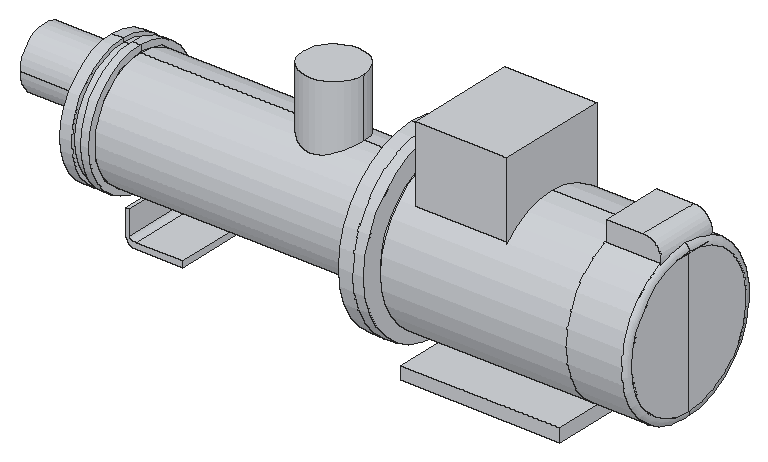
Revit family "Винтовой насос Бурун для флокулянта", category Оборудование, Revit 2020
Family settings
  Размер круглого соединителя = Использовать диаметр
  Классификация = Нет
  Тип детали = Нормальный
  На основе рабочей плоскости = Нет
  Всегда вертикально = Нет
  При загрузке вырезать с полостями = Нет
  Общий = Нет
  Точка расчета площади = Нет
Parameters
  Правое исполнение [instance] = yes
  Отметка по умолчанию = 0 mm
  Материал фильтроэлемента = Сталь 08X18H10T (AISI 321) Красная
  Материал аппарата = Сталь 08X18H10T (AISI 321) Синяя
  Левое исполнение [instance] = yes
  Изготовитель = "ООО \"НПК \"Акватроник\""
  ADSK_Примечание [instance] = ""
  ADSK_Позиция [instance] = "22"
  ADSK_Наименование = "Насос винтовой для осадка производительность 3,0 м3/ч, напор 40,0 м, N=0,75 кВт (1 рабочий и 1 резервный)"
  ADSK_Масса_Текст [instance] = "18"
  ADSK_Завод-изготовитель [instance] = "ООО \"НПК \"Акватроник\""
  ADSK_Единица измерения = "шт."
Reference planes
  plane 1 "По центру (Вперед/Назад)": y = 0
  plane 2: z = 250
  plane 3 "По центру (Влево/Вправо)": x = -117.856
  plane 4: z = 1700
  plane 5 "1б": y = 0
Forms (mm)
  Revolve 1, solid
    sketch origin (-2083, 0, -2604) x (1, 0, 0) y (0, 0, 1)
      loop
        line (1767.611, 2936.012) -> (1767.611, 2877.995) -> (1777.611, 2877.995) -> (1777.611, 2881.166) -> (1785.639, 2881.166) -> (1785.639, 2877.995) -> (1793.162, 2877.995) -> (1793.162, 2882.995) -> (1793.162, 2884.217) -> (2035.5, 2884.217) -> (2035.5, 2854.217) -> (2048.078, 2854.217) -> (2058.078, 2854.217) -> (2058.078, 2872.078) -> (2064.372, 2870.392) -> (2064.372, 2865.392) -> (2229.372, 2865.392) -> (2279.372, 2865.392)
        arc (2279.372, 2865.392) -> (2282.211, 2868.152) -> (2283.181, 2871.99) r 7.267
        line (2283.181, 2871.99) -> (2283.181, 2936.012) -> (1767.611, 2936.012)
      axis (1767.611, 2936.012) -> (2283.181, 2936.012)
    angle from 0 to 360
  Extrusion 2, solid
    sketch origin (-2083, 100, -2604) x (1, 0, 0) y (0, 0, 1)
      loop
        line (2078.172, 3053.864) -> (2078.172, 2959.742) -> (2160.193, 2959.742) -> (2160.193, 3053.864) -> (2078.172, 3053.864)
    from 49.652 to 149.203
  Extrusion 3, solid
    sketch origin (-2083, 100, -2604) x (1, 0, 0) y (0, 0, 1)
      loop
        line (2077.668, 2865.487) -> (2077.668, 2853.638) -> (2219.63, 2853.638) -> (2219.63, 2865.487) -> (2077.668, 2865.487)
    from 35.209 to 164.652
  Extrusion 4, solid
    sketch origin (-515.856, 0, -2641) x (0, 1, 0) y (0, 0, 1)
      loop
        circle (0, 2990.858) r 27
    from 139.954 to 210.468
  Extrusion 5, solid
    sketch origin (-2083, 50, -2604) x (1, 0, 0) y (0, 0, 1)
      loop
        line (2231.06, 2986.67) -> (2264.397, 2986.67)
        arc (2264.397, 2986.67) -> (2279.801, 3003.319) -> (2263.556, 3019.149) r 16.25
        line (2263.556, 3019.149) -> (2231.06, 3019.149) -> (2231.06, 2986.67)
    from 20.402 to 76.588
  Extrusion 6, solid
    sketch origin (-2153, 0, 384) x (1, 0, 0) y (0, 1, 0)
      loop
        circle (2035.5, 0) r 27
    from -12.598 to 51.981
  Extrusion 7, solid
    sketch origin (-2083, 100, -2605) x (1, 0, 0) y (0, 0, 1)
      loop
        line (1808.072, 2885.057) -> (1808.072, 2864.026)
        arc (1808.072, 2864.026) -> (1809.627, 2858.671) -> (1813.808, 2854.981) r 10
        line (1813.808, 2854.981) -> (1858.808, 2854.981) -> (1858.808, 2859.981) -> (1816.723, 2859.981)
        arc (1816.723, 2859.981) -> (1813.42, 2860.972) -> (1811.208, 2863.619) r 6
        line (1811.208, 2863.619) -> (1811.208, 2885.057) -> (1808.072, 2885.057)
    from 64.372 to 135
Dimensions and locks
  plane 4 to plane 2 = 1450 mm
  plane 4 to level = 1450 mm
  aligned and locked: level to plane 2
Connectors
  piping at (-117.5, 0, 435.981), diameter 40
    settings: on Extrusion 6, index 1, connector inside diameter 609.6 mm, connector length 0 mm, flow factor 0, pipe flow 0.0 L/s, pressure drop 0.0 Pa, fitting loss kfactor 0, connector angle 0.00°, fixture units 0, engagement length 0 mm, angle of deflection 0.00°, flow configuration 0, flow direction 0, fitting loss method 0, system type 7, joint type 0, gender type 0, connector reference index -1, connector utility 0, adjustable connector no, is connector primary yes, connector description ""
  piping at (-375.902, 0, 349.858), diameter 40
    settings: on Extrusion 4, index 2, connector inside diameter 609.6 mm, connector length 0 mm, flow factor 0, pipe flow 0.0 L/s, pressure drop 0.0 Pa, fitting loss kfactor 0, connector angle 0.00°, fixture units 0, engagement length 0 mm, angle of deflection 0.00°, flow configuration 0, flow direction 0, fitting loss method 0, system type 7, joint type 0, gender type 0, connector reference index -1, connector utility 0, adjustable connector no, is connector primary no, connector description ""
